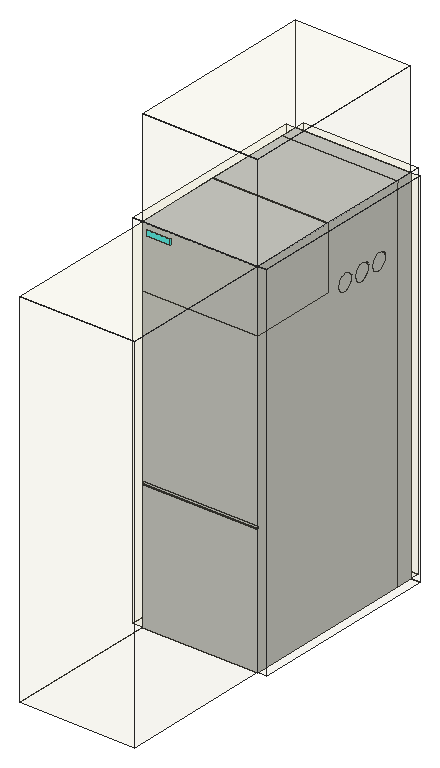
Revit family "Electrical_Switchgear_Siemens_MV-Gas-insulated_NXPLUS-C-Wind-36kV", category Electrical Fixtures, Revit 2016
Family settings
  Maintain Annotation Orientation = No
  Part Type = Normal
  Round Connector Dimension = Use Diameter
  OmniClass Number = 23.80.00.00
  OmniClass Title = Electric Power and Lighting
  Work Plane-Based = No
  Always vertical = Yes
  Cut with Voids When Loaded = No
  Shared = No
  Room Calculation Point = No
Parameters (values of type "LS-Circuit-breaker panel")
  Youtube clip = "https://www.siemens.com/nxpluscwind"
  Weight Net (Kg) = "0"
  Uniformat II Description = ""
  Uniformat II Code = ""
  Uniclass 2015 Name = ""
  Uniclass 2015 Code = ""
  Uniclass 2.0 Description = ""
  Uniclass 2.0 Code = ""
  Uniclass 1.4 Description = ""
  Uniclass 1.4 Code = ""
  UNSPSC Code = ""
  Typ = 1
  Technical description = "http://www.siemens.com/specifications"
  T1 [instance] = T + 85 mm  # 1000 mm
  Region South America = "All"
  Region Oceania = "All"
  Region North America = "All"
  Region Middle East = "All"
  Region Europe = "All"
  Region Asia = "All"
  Region Antarctica = "All"
  Region Africa = "All"
  QR code = "http://bimobject.com/siemens/product/Siemens_MV_switchgear_gas-insulated_NXPLUS_C_Wind"
  Product url = "https://www.siemens.com/nxpluscwind"
  Product group = "Gas-insulated switchgear for primary distribution systems"
  Product family = "MV switchgear"
  Product data url = "https://bimobject.com/siemens/product/Siemens_MV_switchgear_gas-insulated_NXPLUS_C_Wind"
  Product certification = "https://www.siemens.com/nxpluscwind"
  Product SKU = "Siemens_MV_switchgear_gas-insulated_NXPLUS_C_Wind"
  Product Guid = "7b6fd002-bfc2-40cc-a29f-d81b13aac53f"
  OmniClass Description = ""
  OmniClass Code = ""
  Nominal width = 0 mm
  Nominal height = 1900 mm
  NBS Reference Description = ""
  NBS Reference Code = ""
  Material secondary = ""
  Material main = "Stainless steel"
  Masterformat 2014 Description = ""
  Masterformat 2014 Code = ""
  Manufacturer name = "Siemens AG"
  Manufacturer country = "Germany"
  LinieTS = Typ = 3  # no
  LinieRK = Typ = 2  # no
  LinieLS = Typ = 1  # yes
  Installation instructions = "https://www.siemens.com/nxpluscwind"
  IFC Classification = ""
  Edition number = 1
  EAN code = ""
  Design country = "Germany"
  Date of publishing = ""
  Capacitive voltage indicator at busbar = "CAPDIS-S1+;CAPDIS-S2+;HR;LRM;VOIS+;VOIS R+;WEGA 1.2 C;WEGA 2.2 C"
  Voltage transformer at busbar = "without; 3 x single-pole; 3 x single-pole with earth-fault winding and damping resistor"
  Voltage rating (kV) = "2.4; 3.3; 3.6; 4.16; 4.76;6;6.6;7.2;8.25;11;12;13.8;15;17.5;20;23;24;27;27.6;34.5;36;38"
  Type of arrangement = "wall-standing; free-standing"
  Three-position switch = "manual operated; motor operated"
  Technical description MV-switchgear = "www.siemens.com/medium-voltage-switchgear"
  Switchgear type = "NXPLUS C Wind"
  Standards = "IEC"
  Specification texts = "www.siemens.com/specifications"
  SIMARIS planning tools = "www.siemens.com/simaris"
  Rated voltage (kV) = "36; on request: 38"
  Rated short-time withstand current (kA/s) = "20/1:20/3; 25/1"
  Rated short-duration power-frequency withstand voltage (kV) = "70"
  Rated normal current busbar (A) = "1000"
  Rated lightning impulse withstand voltage (kV) = "170"
  Rated frequency (Hz) = "50;60"
  Rated normal current feeder (A) = "630A; 800A"
  Protection device = "with (further informations: www.siemens.com/protection)"
  Pressure relief duct = "withgout; on request: horizontal (connection to rear or lateral left or right)"
  Panel type = "LS"
  Surge arrester = "without; with"
  Number of operating cycle = "2000/1000/1000 (CB/Disconnector/Earthing switch)"
  NS_uk [instance] = H - 325 mm  # 1575 mm
  NS_t [instance] = 459.5 mm  # constant formula
  NS_h [instance] = if(LV compartment H325mm, 325 mm, 650 mm)  # 325 mm
  LV compartment H325mm [instance] = yes
  LV compartment H650mm [instance] = not(LV compartment H325mm)  # no
  Internal arc classification = "IAC A FL 25kA/1s; IAC A FLR 25kA/1s"
  Hges_Cl_Top [instance] = 2400 mm  # constant formula
  Hges_Cl_HVLR [instance] = H  # 1900 mm
  Druckabsorber_sichtbar [instance] = 1 = 1  # yes
  Current transformer at feeder = "without; with protection core or/and measuring core"
  Clearence wall standing [instance] = yes
  Cl_Top_T [instance] = T + 85 mm  # 1000 mm
  Cl_LR_T [instance] = T + 85 mm  # 1000 mm
  Current transformer at busbar = "without; with protection core or/and measuring core"
  Release combination = "1f-release (-Y1); 1f- (-Y1) + 1r-release (-Y7); 2f-release (-Y1, -Y2)"
  Clearence for only operating [instance] = yes
  Electromechanical interlock = "without; Earthing switch; Disconnector; Disconnector and earthing switch"
  Number of cables (per phase) = "1; 2"
  KRA_t [instance] = 325 mm
  T = 915 mm
  DrAb_t [instance] = 85 mm  # constant formula
  DrAb_h1 [instance] = 300 mm
  Consultant support for Totally Integrated Power (TIP) = "www.siemens.com/tip-cs"
  Clearance [instance] = yes
  Rated Current = ""
  Model = "LS-Circuit-breaker panel, width 600mm"
  Manufacturer = "Siemens AG"
  Hges [instance] = if(LV compartment H325mm, 1900 mm, 1900 mm + 325 mm)  # 1900 mm
  DrAb_U [instance] = 0 mm  # constant formula
  DrAb_h2 [instance] = H  # 1900 mm
  H = 1900 mm
  Manufacturer = "Siemens AG"
  Cl_v_T [instance] = if(Clearence for only operating, 800 mm, 1200 mm)  # 800 mm
  Cl_r_B [instance] = if(Clearence wall standing, B + 50 mm, B + 500 mm)  # 650 mm
  Cl_l_B [instance] = if(Clearence wall standing, if(Cabel_on, -Cabel_b - 50 mm, -50 mm), if(Cabel_on, -Cabel_b - 50 mm, -500 mm))  # -50 mm
  Cl_H_T [instance] = if(Clearence wall standing, 50 mm, 500 mm)  # 50 mm
  Lateral cable connection [instance] = Cabel : without
  Cabel_without = Cabel : without
  Cabel_b [instance] = if(Lateral cable connection = Cabel_1, 300 mm, if(Lateral cable connection = Cabel_2, 500 mm, 800 mm))  # 800 mm
  Cabel_3 = Cabel : 3  cable
  Cabel_2 = Cabel : 2  cable
  Cabel_on [instance] = and(not(Typ = 2), or(Lateral cable connection = Cabel_1, Lateral cable connection = Cabel_2, Lateral cable connection = Cabel_3))  # no
  Cabel_1 = Cabel : 1 cable
  COBIe Type Category = ""
  Brand url = "https://www.siemens.com/global/en/home/products/energy.html"
  BIMobject main category code = "electrical"
  BIMobject main category = "Electrical"
  BIMobject category code = "electrical-switchgear"
  BIMobject category = "Switchgear"
  B = 600 mm
Types (3, lengths in mm): name | Typ | LinieTS | LinieRK | LinieLS | Voltage transformer at busbar | Rated normal current feeder (A) | Protection device | Panel type | Number of operating cycle | Release combination | Number of cables (per phase) | Model | Cl_r_B | B
  LS-Circuit-breaker panel | 1 | no | no | yes | "without; 3 x single-pole; 3 x single-pole with earth-fault winding and damping resistor" | "630A; 800A" | "with (further informations: www.siemens.com/protection)" | "LS" | "2000/1000/1000 (CB/Disconnector/Earthing switch)" | "1f-release (-Y1); 1f- (-Y1) + 1r-release (-Y7); 2f-release (-Y1, -Y2)" | "1; 2" | "LS-Circuit-breaker panel, width 600mm" | 650 | 600
  RK-Ring-main panel | 2 | no | yes | no | "n/a" | "630A" | "n/a" | "RK" | "1000/1000/1000 (Disconnector/Load Break/Earthing switch)" | "n/a" | "1; 2; 3" | "RK-Ring-main panel, width 450mm" | 500 | 450
  TS-Disconnector panel | 3 | yes | no | no | "n/a" | "630A; 1000A" | "n/a" | "TS" | "1000/1000/- (Disconnector/Earthing switch)" | "n/a" | "1; 2; 3" | "TS-Disconnector panel, width 450mm" | 500 | 450
Reference planes
  plane 1 "Mitte (Vorne/Hinten)": y = 0
  plane 2: z = 0
  plane 3 "Mitte (Links/Rechts)": x = 0
  plane 4 "Schrankunterkante": z = 0
  plane 5 "Hinterkant Schrank": y = 915
  plane 6: z = 1900
  plane 7 "EP Kabelraumabdeckung": y = 320
  plane 8 "H": z = 1900
  plane 9 "Hinterkante max": y = 1000
  plane 10 "Linien Front": y = -1
Forms (mm)
  Extrusion 1, solid, material "Glas unsichtbar", visible <- "Clearance"
    sketch origin (0, 0, 0) x (0, 1, 0) y (0, 0, 1)
      loop
        line (0, 1900) -> (-800, 1900) -> (-800, 0) -> (0, 0) -> (0, 1900)
    from 0 to 600 <- "B"
  Extrusion 2, solid, material "Siemens RAL 7047"
    sketch origin (0, 0, 0) x (0, 1, 0) y (0, 0, 1)
      loop
        line (915, 0) -> (1000, 0) -> (1000, 1900) -> (915, 1900) -> (915, 0)
    from 0 to 600 <- "B"
  Extrusion 3, solid, material "Glas unsichtbar", visible <- "Clearance"
    sketch origin (0, 2746.306, -1522.302) x (0, 1, 0) y (0, 0, 1)
      loop
        line (-1746.306, 3422.302) -> (-2746.306, 3422.302) -> (-2746.306, 1522.302) -> (-1746.306, 1522.302) -> (-1746.306, 3422.302)
    from -50 <- "Cl_l_B" to 0
  Extrusion 4, solid, material "Glas unsichtbar", visible <- "Clearance"
    sketch origin (0, -2515.375, 1319.373) x (0, 1, 0) y (0, 0, 1)
      loop
        line (3515.375, 580.627) -> (2515.375, 580.627) -> (2515.375, -1319.373) -> (3515.375, -1319.373) -> (3515.375, 580.627)
    from 600 <- "B" to 650 <- "Cl_r_B"
  Extrusion 5, solid, material "Glas unsichtbar", visible <- "Clearance"
    sketch origin (0, 889.07, 278.53) x (0, 1, 0) y (0, 0, 1)
      loop
        line (160.93, -278.53) -> (160.93, 1621.47) -> (110.93, 1621.47) -> (110.93, -278.53) -> (160.93, -278.53)
    from 0 to 600 <- "B"
  Extrusion 6, solid, material "Glas unsichtbar", visible <- "Clearance"
    sketch origin (0, -5930.661, 4152.693) x (0, 1, 0) y (0, 0, 1)
      loop
        line (6930.661, -1752.693) -> (5930.661, -1752.693) -> (5930.661, -2252.693) -> (6930.661, -2252.693) -> (6930.661, -1752.693)
    from 0 to 600 <- "B"
Dimensions and locks
  "Cl_v_T": Extrusion 1 sketch curve to Extrusion 1 sketch curve
  "DrAb_U": plane 4 "Schrankunterkante" to plane 2
  "Hges": Extrusion 1 sketch curve to Extrusion 1 sketch curve
  "Cl_LR_T": Extrusion 3 sketch curve to Extrusion 3 sketch curve
  "Hges": Extrusion 3 sketch curve to Extrusion 3 sketch curve
  "Cl_LR_T": Extrusion 4 sketch curve to Extrusion 4 sketch curve
  "Hges": Extrusion 4 sketch curve to Extrusion 4 sketch curve
  "Cl_H_T": Extrusion 5 sketch curve to Extrusion 5 sketch curve
  "T": plane 5 "Hinterkant Schrank" to plane 1 "Mitte (Vorne/Hinten)"
  "Cl_Top_T": Extrusion 6 sketch curve to Extrusion 6 sketch curve
  "Hges": plane 6 to level
  plane 5 "Hinterkant Schrank" to plane 7 "EP Kabelraumabdeckung" = 595 mm
  "DrAb_h2": Extrusion 2 sketch curve to Extrusion 2 sketch curve
  "DrAb_t": Extrusion 2 sketch curve to Extrusion 2 sketch curve
  "Hges_Cl_HVLR": Extrusion 5 sketch curve to Extrusion 5 sketch curve
  "Hges_Cl_Top": Extrusion 6 sketch curve to level
  "H": plane 4 "Schrankunterkante" to plane 8 "H"
  Extrusion 5 to Extrusion 2 = 1900 mm
  "NS_uk": nested 1 to level
  "T1": plane 9 "Hinterkante max" to plane 1 "Mitte (Vorne/Hinten)"
  nested 4 to level = 1550 mm
  plane 1 "Mitte (Vorne/Hinten)" to plane 10 "Linien Front" = 1 mm
  locked: nested 3 to level at 940
  locked: nested 6 to level at 1550
  nested 7 to level = 1550 mm
  locked: nested 8 to plane 3 "Mitte (Links/Rechts)" at 20
  locked: plane 6 to nested 8 at 30
  aligned and locked: level to plane 2
  aligned and locked: plane 2 to Extrusion 2 sketch curve
  aligned and locked: plane 1 "Mitte (Vorne/Hinten)" to Extrusion 1 sketch curve
  aligned and locked: Extrusion 3 to level
  aligned and locked: plane 1 "Mitte (Vorne/Hinten)" to Extrusion 3
  aligned and locked: Extrusion 4 to level
  aligned and locked: plane 1 "Mitte (Vorne/Hinten)" to Extrusion 4
  aligned and locked: Extrusion 5 to level
  aligned and locked: plane 1 "Mitte (Vorne/Hinten)" to Extrusion 6
  aligned and locked: plane 3 "Mitte (Links/Rechts)" to nested 1
  aligned and locked: plane 1 "Mitte (Vorne/Hinten)" to nested 1
  aligned and locked: plane 3 "Mitte (Links/Rechts)" to nested 2
  aligned and locked: nested 4 to plane 3 "Mitte (Links/Rechts)"
  aligned and locked: nested 4 to plane 10 "Linien Front"
  aligned and locked: Extrusion 6 sketch curve to plane 8 "H"
  aligned and locked: plane 5 "Hinterkant Schrank" to nested 2
  aligned and locked: Extrusion 5 to plane 9 "Hinterkante max"
  aligned and locked: plane 3 "Mitte (Links/Rechts)" to nested 3
  aligned and locked: nested 3 to plane 5 "Hinterkant Schrank"
  aligned and locked: nested 5 to level
  aligned and locked: plane 1 "Mitte (Vorne/Hinten)" to nested 5
  aligned and locked: plane 3 "Mitte (Links/Rechts)" to nested 5
  aligned and locked: nested 6 to plane 3 "Mitte (Links/Rechts)"
  aligned and locked: nested 6 to plane 10 "Linien Front"
  aligned and locked: nested 7 to plane 3 "Mitte (Links/Rechts)"
  aligned and locked: nested 7 to plane 10 "Linien Front"
  aligned and locked: plane 1 "Mitte (Vorne/Hinten)" to nested 8
Automatic sketch dimensions
  Extrusion 3 sketch curve to plane 1 "Mitte (Vorne/Hinten)" = 0 mm
  Extrusion 3 sketch curve to level = 0 mm
  Extrusion 4 sketch curve to plane 1 "Mitte (Vorne/Hinten)" = 0 mm
  Extrusion 4 sketch curve to level = 0 mm
  Extrusion 5 sketch curve to level = 0 mm
  Extrusion 5 sketch curve to plane 5 "Hinterkant Schrank" = 85 mm
  Extrusion 1 sketch curve to level = 0 mm
  Extrusion 2 sketch curve to plane 5 "Hinterkant Schrank" = 0 mm
  Extrusion 6 sketch curve to plane 1 "Mitte (Vorne/Hinten)" = 0 mm
Nested families
  nested 1: "NXPLUSC Basic NS" at (0, 0, 1575), B <- "B", GK1_h <- "NS_h", GK1_t <- "NS_t", type "Test B 430"
    with GK1_t 459.5 mm, GK1_h 325 mm, B 600 mm
  nested 2: "Befestigung1" at (300, 915, 0), type "Fastening"
    with Width_2 790 mm, Cable_length 800 mm
  nested 3: "NXPLUSC Basic Cabel" at (-800, 590, 940), B <- "Cabel_b", visible <- "Cabel_on", type "Cabel"
    with GK1_t 325 mm, GK1_h 510 mm, B 800 mm
  nested 4: "2D_LinieLS" at (300, -1, 840), visible <- "LinieLS", type "Type LS"
    with Width 600 mm
  nested 5: "NXPLUSC Basic  Schrank1" at (0, 915, 0), B <- "B", H <- "H", T <- "T", type "Test B 430"
    with VBL_r 45 mm, VBL_h 125 mm, VBL_ab2 110 mm, VBL_ab1 345 mm, T 915 mm, Kab_b3 20 mm, Kab_b2 580 mm, KabR_b1 600 mm, H 1900 mm, GK4_t 455.5 mm, GK4_h 250 mm, GK2_h1 670 mm, GK1_t 459.5 mm, GK1_h 325 mm, Druckabsorber sichtbar yes, B 600 mm
  nested 6: "2D_LinieTS" at (300, -1, 915), visible <- "LinieTS", type "Type TS"
  nested 7: "2D_LinieRK" at (300, -1, 915), visible <- "LinieRK", type "Type TS"
  nested 8: "Siemens Schild" at (100, 0, 1875), type "Test"
Definition of nested family "NXPLUSC Basic NS"
  Parameters (values of type "Test B 430")
    Manufacturer = "Siemens AG"
    IFC Classification = "Electric Distribution"
    built-in parameter 1010108 = "Siemens AG"
    GK1_t [instance] = 409 mm
    GK1_h [instance] = 761 mm
    B [instance] = 430 mm
  Reference planes
    plane 1 "Mitte (Vorne/Hinten)": y = 0
    plane 2: z = 0
    plane 3 "Mitte (Links/Rechts)": x = 0
  Forms (mm)
    Extrusion 1, solid
      sketch origin (0, 0, 0) x (0, 1, 0) y (0, 0, 1)
        loop
          line (0, 0) -> (409, 0) -> (409, 761) -> (0, 761) -> (0, 0)
      from 0 to 430 <- "B"
  Dimensions and locks
    "GK1_h": Extrusion 1 sketch curve to Extrusion 1 sketch curve
    "GK1_t": Extrusion 1 sketch curve to Extrusion 1 sketch curve
    aligned and locked: level to plane 2
    aligned and locked: level to Extrusion 1 sketch curve
    aligned and locked: plane 1 "Mitte (Vorne/Hinten)" to Extrusion 1 sketch curve
Definition of nested family "NXPLUSC Basic Cabel"
  Parameters (values of type "Cabel")
    Manufacturer = "Siemens AG"
    IFC Classification = "Electric Distribution"
    built-in parameter 1010108 = "Siemens AG"
    GK1_t [instance] = 325 mm  # constant formula
    GK1_h [instance] = 510 mm  # constant formula
    B [instance] = 500 mm
  Reference planes
    plane 1 "Mitte (Vorne/Hinten)": y = 0
    plane 2: z = 0
    plane 3 "Mitte (Links/Rechts)": x = 0
  Forms (mm)
    Extrusion 1, solid
      sketch origin (0, 0, 0) x (0, 1, 0) y (0, 0, 1)
        loop
          line (0, 0) -> (325, 0) -> (325, 510) -> (0, 510) -> (0, 0)
      from 0 to 500 <- "B"
  Dimensions and locks
    "GK1_h": Extrusion 1 sketch curve to Extrusion 1 sketch curve
    "GK1_t": Extrusion 1 sketch curve to Extrusion 1 sketch curve
    aligned and locked: level to plane 2
    aligned and locked: level to Extrusion 1 sketch curve
    aligned and locked: plane 1 "Mitte (Vorne/Hinten)" to Extrusion 1 sketch curve
Definition of nested family "NXPLUSC Basic  Schrank1"
  Parameters (values of type "Test B 430")
    XB_AE = 1000 mm
    VBL_h [instance] = GK4_h / 2  # 125 mm
    VBL_r [instance] = 45 mm
    VBL_ab1 [instance] = T - 570 mm  # 345 mm
    VBL_ab2 [instance] = 110 mm  # constant formula
    Typ = 1
    T [instance] = 915 mm
    Manufacturer = "Siemens AG"
    Kab_b3 [instance] = if(Druckabsorber sichtbar, 20 mm, B + 20 mm)  # 20 mm
    Kab_b2 [instance] = if(Druckabsorber sichtbar, B - 20 mm, B + 100 mm)  # 580 mm
    KabR_b1 [instance] = if(or(Typ = 1, Typ = 2, Typ = 4), B, -B)  # 600 mm
    IFC Classification = "Electric Distribution"
    H [instance] = 1900 mm
    built-in parameter 1010108 = "Siemens AG"
    GK4_t [instance] = T - GK1_t  # 455.5 mm
    GK4_h [instance] = 250 mm  # constant formula
    GK2_h1 [instance] = if(Typ = 1, 670 mm, 895 mm)  # 670 mm
    GK1_t [instance] = 459.5 mm
    GK1_h [instance] = 325 mm
    Druckabsorber sichtbar [instance] = yes
    B [instance] = 600 mm
  Reference planes
    plane 1 "Mitte (Vorne/Hinten)": y = 0
    plane 2: z = 0
    plane 3 "Mitte (Links/Rechts)": x = 0
    plane 4 "Bedienelemente": y = -1000
    plane 5 "Abzug": x = 600
  Forms (mm)
    Extrusion 1, solid
      sketch origin (0, 0, 0) x (0, 1, 0) y (0, 0, 1)
        loop
          line (0, 0) -> (0, 1900) -> (-455.5, 1900) -> (-455.5, 1575) -> (-915, 1575) -> (-915, 0) -> (0, 0)
      from 0 to 600 <- "B"
    Extrusion 2, void
      sketch origin (0, 0, 420) x (0, 1, 0) y (0, 0, 1)
        loop
          circle (-125, 1155) r 45
        loop
          circle (-235, 1155) r 45
        loop
          circle (-345, 1155) r 45
      from 0 to 5
    Extrusion 3, void
      sketch origin (600, 0, 0) x (0, 0, 1) y (0, -1, 0)
        loop
          circle (1575, 345) r 45
        loop
          circle (1575, 235) r 45
        loop
          circle (1575, 125) r 45
      from 0 to -5
    Extrusion 4, void
      sketch origin (0, 0, 0) x (0, 1, 0) y (0, 0, 1)
        loop
          line (-905, 670) -> (-905, 690) -> (-915, 690) -> (-915, 670) -> (-905, 670)
      from 0 to 600 <- "KabR_b1"
  Cuts and joins
    Extrusion 2, Extrusion 3, Extrusion 4 cuts Extrusion 1
  Dimensions and locks
    "XB_AE": plane 1 "Mitte (Vorne/Hinten)" to plane 4 "Bedienelemente"
    "VBL_ab2": Extrusion 2 sketch curve to Extrusion 2 sketch curve  (x2)
    "VBL_ab2": Extrusion 3 sketch curve to Extrusion 3 sketch curve  (x2)
    "B": plane 5 "Abzug" to plane 3 "Mitte (Links/Rechts)"
    locked: Extrusion 4 sketch curve to Extrusion 4 sketch curve at 10
    locked: Extrusion 4 sketch curve to Extrusion 4 sketch curve at 20
    "T": plane 1 "Mitte (Vorne/Hinten)" to Extrusion 4 sketch curve
    "H": cut or joined group of Extrusion 1, Extrusion 2, Extrusion 3, Extrusion 4 to level
    "GK1_t": cut or joined group of Extrusion 1, Extrusion 2, Extrusion 3, Extrusion 4 to cut or joined group of Extrusion 1, Extrusion 2, Extrusion 3, Extrusion 4
    "GK1_h": cut or joined group of Extrusion 1, Extrusion 2, Extrusion 3, Extrusion 4 to cut or joined group of Extrusion 1, Extrusion 2, Extrusion 3, Extrusion 4
    "GK1_h": cut or joined group of Extrusion 1, Extrusion 2, Extrusion 3, Extrusion 4 to Extrusion 2 sketch curve
    "GK1_h": cut or joined group of Extrusion 1, Extrusion 2, Extrusion 3, Extrusion 4 to Extrusion 3 sketch curve
    "T": plane 1 "Mitte (Vorne/Hinten)" to cut or joined group of Extrusion 1, Extrusion 2, Extrusion 3, Extrusion 4
    "GK2_h1": Extrusion 4 sketch curve to level
    "VBL_ab1": plane 1 "Mitte (Vorne/Hinten)" to Extrusion 2 sketch curve
    "VBL_ab1": plane 1 "Mitte (Vorne/Hinten)" to Extrusion 3 sketch curve
    "VBL_r": radius of Extrusion 2 sketch curve  (x3)
    "VBL_r": radius of Extrusion 3 sketch curve  (x3)
    aligned and locked: level to plane 2
    aligned and locked: Extrusion 1 sketch curve to plane 1 "Mitte (Vorne/Hinten)"
    aligned and locked: Extrusion 1 sketch curve to level
  Automatic sketch dimensions
    Extrusion 2 sketch curve to Extrusion 2 sketch curve = 0 mm  (x2)
    Extrusion 3 sketch curve to Extrusion 3 sketch curve = 0 mm  (x2)
    Extrusion 1 sketch curve to plane 4 "Bedienelemente" = 544.5 mm
    Extrusion 1 sketch curve to plane 4 "Bedienelemente" = 85 mm
    level to Extrusion 1 sketch curve = 1575 mm
    Extrusion 1 sketch curve to Extrusion 1 sketch curve = 325 mm
Definition of nested family "Siemens Schild"
  Parameters (values of type "Test")
    Schild_Text_Tiefe = 0 mm  # constant formula
    Schild_Text_H = Schild_G_H - 10 mm  # 20 mm
    Schild_Text_T1 = Schild_T + Schild_G_T + 0.5 mm  # 6.5 mm
    Schild_T = 5 mm
    Schild_Rand = 5 mm
    Schild_L2 = Schild_L / 2  # 50 mm
    Schild_L = 100 mm  # constant formula
    Schild_H = 80 mm
    Schild_G_T = 1 mm
    Schild_G_L = 125 mm  # constant formula
    Schild_G_H = 30 mm  # constant formula
    Manufacturer = "Siemens AG"
    IFC Classification = "Electric Distribution"
    built-in parameter 1010108 = "Siemens AG"
  Reference planes
    plane 1 "Mitte (Vorne/Hinten)": y = 0
    plane 2: z = 0
    plane 3 "Mitte (Links/Rechts)": x = 0
    plane 4 "Einfiegefläche_Text": y = -1.5
  Forms (mm)
    Extrusion 1, solid
      sketch origin (-265.883, 0, -2089.227) x (1, 0, 0) y (0, 0, 1)
        loop
          line (185.883, 2054.227) -> (310.883, 2054.227) -> (310.883, 2084.227) -> (185.883, 2084.227) -> (185.883, 2054.227)
      from 0 to 1
  Dimensions and locks
    "Schild_G_L": Extrusion 1 sketch curve to Extrusion 1 sketch curve
    "Schild_G_H": Extrusion 1 sketch curve to Extrusion 1 sketch curve
    locked: plane 1 "Mitte (Vorne/Hinten)" to plane 4 "Einfiegefläche_Text" at 1.5
    aligned and locked: level to plane 2
  Automatic sketch dimensions
    Extrusion 1 sketch curve to level = 5 mm
    Extrusion 1 sketch curve to plane 3 "Mitte (Links/Rechts)" = 80 mm
Definition of nested family "Befestigung1"
  Parameters (values of type "Fastening")
    depth temp = if(Cable 800, 1109 mm, if(Cable 500, 860 mm, 860 mm))  # 860 mm
    Widthupto900 = not(Width900)  # yes
    Width_2 = if(Cable_length = 300 mm, 300 mm, if(Cable_length = 500 mm, 490 mm, 790 mm))  # 300 mm
    Width = 600 mm
    Visible = if(or(Cable 300, Cable 500, Cable 800), 1 < 2, 1 = 2)  # no
    T3 = if(Width = 450 mm, 595 mm, 465 mm)  # 465 mm
    T2 = if(Width = 450 mm, 185 mm, 315 mm)  # 315 mm
    T1 = 0 mm  # constant formula
    Depth = 915 mm  # constant formula
    Cable_on = no
    Cable_length = 300 mm
    Cable 800 = no
    Cable 500 = no
    Cable 300 = no
    Width900 = if(Width = 900 mm, 1 < 2, 1 > 2)  # no
  Reference planes
    plane 1 "Center (Front/Back)": y = 0
    plane 2: z = 0
    plane 3 "Center (Left/Right)": x = 0
    plane 4: x = 300
    plane 5: x = -300
    plane 6: z = 2046
    plane 7: y = -915
    plane 8: z = 2200
    plane 9: y = 0
    plane 10: y = -30
    plane 11: y = -80
    plane 12: x = -200
    plane 13: x = -290
    plane 14: x = 210
    plane 15: x = 290
    plane 16: y = -860
    plane 17: y = -780
    plane 18: y = -890
    plane 19: x = -30
    plane 20: x = 330
    plane 21: y = -315
    plane 22: x = -210
    plane 23: x = 200
    plane 24: x = -600
    plane 25: y = -375
  Lines and regions (mm)
    model lines
      curve 1: line (-300, 0, 0) -> (300, 0, 0)
      curve 2: line (-300, -915, 0) -> (-300, 0, 0)
      curve 3: line (300, 0, 0) -> (300, -915, 0)
      curve 4: line (-300, -915, 0) -> (300, -915, 0)
      curve 9: line (-290, -780, 0) -> (290, -780, 0)
      curve 10: line (-290, -315, 0) -> (-290, -780, 0)
      curve 11: line (290, -315, 0) -> (-290, -315, 0)
      curve 12: line (290, -780, 0) -> (290, -315, 0)
      curve 13: line (-290, -780, 0) -> (-244, -780, 0)
      curve 14: line (-290, -600, 0) -> (-290, -780, 0)
      curve 15: line (-244, -600, 0) -> (-290, -600, 0)
      curve 16: line (-244, -780, 0) -> (-244, -600, 0)
      curve 18: circle (200, -860, 0) r 6 normal (0, 0, 1)
    model lines, visible <- "Widthupto900"
      curve 5: circle (-200, -30, 0) r 6 normal (0, 0, 1)
    model lines, visible <- "Cable_on"
      curve 6: circle (210, -30, 0) r 6 normal (0, 0, 1)
      curve 17: circle (-210, -860, 0) r 6 normal (0, 0, 1)
      curve 19: line (-600, -375, 0) -> (-300, -375, 0)
      curve 20: line (-600, 0, 0) -> (-600, -375, 0)
      curve 21: line (-300, 0, 0) -> (-600, 0, 0)
      curve 22: line (-300, -375, 0) -> (-300, 0, 0)
    model lines, visible <- "Width900"
      curve 7: circle (-30, -30, 0) r 6 normal (0, 0, 1)
      curve 8: circle (330, -30, 0) r 6 normal (0, 0, 1)
  Dimensions and locks
    equal spacing: plane 5, plane 3 "Center (Left/Right)", plane 4
    "Width": plane 5 to plane 4
    plane 8 to plane 2 = 2200 mm
    plane 6 to plane 2 = 2046 mm
    locked: plane 15 to plane 4 at 10
    locked: plane 5 to plane 13 at 10
    "T1": plane 9 to plane 1 "Center (Front/Back)"
    "Depth": plane 7 to plane 1 "Center (Front/Back)"
    plane 5 to plane 12 = 100 mm
    plane 14 to plane 4 = 90 mm
    locked: plane 10 to plane 9 at 30
    locked: plane 11 to plane 10 at 50
    locked: plane 5 to plane 19 at 270
    locked: plane 19 to plane 20 at 360
    locked: plane 18 to plane 7 at 25
    locked: plane 16 to plane 18 at 30
    "T2": plane 21 to plane 1 "Center (Front/Back)"
    "T3": plane 17 to plane 21
    locked: plane 13 to curve 16 at 46
    locked: curve 15 to plane 17 at 180
    plane 5 to plane 22 = 90 mm
    plane 23 to plane 4 = 100 mm
    "Width_2": plane 24 to plane 5
    plane 25 to plane 9 = 375 mm
    aligned and locked: plane 2 to level
    aligned and locked: plane 1 "Center (Front/Back)" to curve 1
    aligned and locked: plane 5 to curve 2
    aligned and locked: curve 3 to plane 4
    aligned and locked: curve 4 to plane 7
    aligned and locked: curve 9 to plane 17
    aligned and locked: curve 10 to plane 13
    aligned and locked: plane 15 to curve 12
    aligned and locked: curve 11 to plane 21
    aligned and locked: curve 20 to plane 24
    aligned and locked: curve 19 to plane 25
    aligned and locked: plane 5 to curve 22
  Automatic sketch dimensions
    curve 17 to plane 16 = 0 mm
    curve 17 to plane 22 = 0 mm
    plane 10 to curve 5 = 0 mm
    curve 5 to plane 12 = 0 mm
    plane 10 to curve 7 = 0 mm
    curve 7 to plane 19 = 0 mm
    curve 18 to plane 16 = 0 mm
    curve 18 to plane 23 = 0 mm
    plane 10 to curve 6 = 0 mm
    curve 6 to plane 14 = 0 mm
    plane 10 to curve 8 = 0 mm
    curve 8 to plane 20 = 0 mm
    radius of curve 5 = 6 mm
    radius of curve 6 = 6 mm
    radius of curve 7 = 6 mm
    radius of curve 8 = 6 mm
    radius of curve 17 = 6 mm
    radius of curve 18 = 6 mm
Definition of nested family "2D_LinieLS"
  Parameters (values of type "Type LS")
    sichtbar = 1 = 2  # no
    Width = 450 mm
    M = yes
  Reference planes
    plane 1 "Center (Front/Back)": y = 0
    plane 2: z = 0
    plane 3 "Center (Left/Right)": x = 0
    plane 4: z = 740
    plane 5: x = 225
    plane 6: x = -225
    plane 7: z = 90
  Lines and regions (mm)
    model lines
      curve 1: line (0, 0, 193.158) -> (0, 0, 29.374)
      curve 2: line (0, 0, 29.374) -> (10.082, 0, 50.996)
      curve 3: line (0, 0, 29.374) -> (-10.082, 0, 50.996)
      curve 4: line (-0.182, 0, 410) -> (-132.478, 0, 410)
      curve 5: line (-132.478, 0, 410) -> (-132.478, 0, 710)
      curve 6: line (-215, 0, 710) -> (215, 0, 710)
      curve 7: line (-10.082, 0, 50.996) -> (10.082, 0, 50.996)
      curve 8: line (0, 0, 29.374) -> (-5.391, 0, 50.996)
      curve 9: line (0, 0, 29.374) -> (4.203, 0, 50.996)
      curve 12: line (-30.301, 0, 193.158) -> (29.936, 0, 193.158)
      curve 13: line (-30.301, 0, 254.532) -> (-30.301, 0, 193.158)
      curve 14: line (29.936, 0, 254.532) -> (-30.301, 0, 254.532)
      curve 15: line (29.936, 0, 193.158) -> (29.936, 0, 254.532)
      curve 16: line (-0.182, 0, 254.532) -> (-0.182, 0, 410)
      curve 17: line (-70.683, 0, 596.478) -> (-70.683, 0, 641.478)
      curve 18: line (-54.47, 0, 644.2) -> (-86.902, 0, 644.162)
      curve 19: line (-59.888, 0, 655.005) -> (-81.51, 0, 654.979)
      curve 20: line (-66.658, 0, 665.807) -> (-74.766, 0, 665.798)
      curve 21: circle (0, 0, 223.088) r 15 normal (0, -1, 0)
      curve 22: circle (-132.478, 0, 641.472) r 20 normal (0, -1, 0)
      curve 23: line (-152.478, 0, 641.472) -> (-112.478, 0, 641.472)
      curve 24: circle (-70.683, 0, 576.478) r 20 normal (0, -1, 0)
      curve 25: line (-90.683, 0, 576.478) -> (-50.683, 0, 576.478)
      curve 26: line (-70.683, 0, 556.478) -> (-70.683, 0, 410)
      curve 27: line (0, 0, 135.775) -> (10.811, 0, 135.775)
      curve 28: line (16.216, 0, 135.775) -> (23.074, 0, 135.775)
      curve 29: line (10.811, 0, 140.775) -> (10.811, 0, 130.775)
      curve 30: line (16.216, 0, 140.775) -> (16.216, 0, 130.775)
      curve 31: arc (29.074, 0, 129.775) -> (23.074, 0, 135.775) -> (29.074, 0, 141.775) r 6
    model lines, visible <- "sichtbar"
      curve 10: line (-215, 0, 710) -> (-215, 0, 168.568)
      curve 11: line (215, 0, 710) -> (215, 0, 168.568)
  Dimensions and locks
    "Width": plane 6 to plane 5
    equal spacing: plane 6, plane 3 "Center (Left/Right)", plane 5
    plane 4 to level = 740 mm
    plane 4 to plane 7 = 650 mm
    locked: plane 6 to curve 10 at 10
    curve 11 to plane 5 = 10 mm
    curve 6 to curve 4 = 300 mm
    locked: plane 4 to curve 6 at 30
    curve 9 to level = 29.374 mm
    aligned and locked: plane 2 to level
  Automatic sketch dimensions
    curve 3 to curve 1 = 23.857 mm
    curve 3 to curve 7 = 20.165 mm
    curve 1 to curve 2 = 23.857 mm
    curve 6 to curve 5 = 82.522 mm
    curve 3 to curve 8 = 4.691 mm  (x2)
    curve 9 to curve 2 = 5.88 mm
    curve 9 to plane 3 "Center (Left/Right)" = 0 mm
    curve 21 to plane 3 "Center (Left/Right)" = 0 mm
    curve 5 to plane 3 "Center (Left/Right)" = 132.478 mm
    curve 5 to curve 22 = 0 mm
    curve 24 to plane 3 "Center (Left/Right)" = 70.683 mm
    curve 13 to plane 3 "Center (Left/Right)" = 30.301 mm
    curve 3 to plane 3 "Center (Left/Right)" = 10.082 mm
    curve 16 to plane 3 "Center (Left/Right)" = 0.182 mm
    plane 3 "Center (Left/Right)" to curve 2 = 10.082 mm
    curve 1 to curve 12 = 29.936 mm
    curve 1 to curve 3 = 21.622 mm
    curve 13 to plane 7 = 103.158 mm
    curve 1 to curve 21 = 29.93 mm
    curve 21 to curve 14 = 31.444 mm
    curve 24 to curve 5 = 133.522 mm
    curve 22 to curve 5 = 68.528 mm
    curve 23 to curve 22 = 20 mm
    curve 25 to curve 24 = 20 mm
    curve 4 to curve 26 = 61.795 mm
    plane 3 "Center (Left/Right)" to curve 9 = 4.203 mm
    curve 11 to plane 7 = 78.568 mm
    curve 10 to plane 7 = 78.568 mm
    curve 25 to curve 24 = 0 mm
    curve 23 to curve 22 = 0 mm
    curve 18 to plane 3 "Center (Left/Right)" = 54.47 mm
    curve 19 to curve 18 = 5.418 mm
    curve 20 to curve 19 = 6.77 mm
    curve 17 to curve 18 = 16.213 mm
    curve 20 to curve 20 = 8.108 mm
    curve 19 to curve 20 = 6.744 mm
    curve 18 to curve 19 = 5.393 mm
    curve 17 to plane 4 = 143.522 mm
    curve 17 to curve 17 = 45 mm
    curve 17 to curve 18 = 2.683 mm
    curve 17 to curve 18 = 2.722 mm
    curve 18 to curve 19 = 10.817 mm
    curve 18 to curve 19 = 10.804 mm
    curve 19 to curve 20 = 10.819 mm
    curve 20 to curve 20 = 0.01 mm
    curve 27 to plane 3 "Center (Left/Right)" = 0 mm
    curve 31 to plane 7 = 45.775 mm
    plane 3 "Center (Left/Right)" to curve 29 = 10.811 mm
    curve 29 to curve 30 = 5.405 mm
    curve 28 to curve 31 = 6 mm
    curve 29 to curve 31 = 1 mm
    curve 30 to curve 29 = 0 mm
    curve 28 to curve 31 = 0 mm
    curve 27 to curve 29 = 5 mm
    curve 29 to curve 27 = 5 mm
    curve 30 to curve 28 = 5 mm
    curve 28 to curve 31 = 12.858 mm
    radius of curve 21 = 15 mm
Definition of nested family "2D_LinieTS"
  Parameters (values of type "Type TS")
    sichtbar = 1 = 2  # no
    Width = 600 mm
    Typ1 = yes
    M = yes
    AB = 50 mm
  Reference planes
    plane 1 "Center (Front/Back)": y = 0
    plane 2: z = 0
    plane 3 "Center (Left/Right)": x = 0
    plane 4: z = 665
    plane 5: x = 300
    plane 6: x = -300
  Lines and regions (mm)
    model lines
      curve 1: line (11.795, 0, 185) -> (-50, 0, 185)
      curve 2: line (-50, 0, 50.622) -> (-50, 0, 635)
      curve 3: line (-290, 0, 635) -> (290, 0, 635)
      curve 6: line (11.795, 0, 521.478) -> (11.795, 0, 566.478)
      curve 7: line (28.008, 0, 569.2) -> (-4.424, 0, 569.162)
      curve 8: line (22.59, 0, 580.005) -> (0.968, 0, 579.979)
      curve 9: line (15.82, 0, 590.807) -> (7.712, 0, 590.798)
      curve 10: circle (-50, 0, 566.472) r 20 normal (0, -1, 0)
      curve 11: line (-70, 0, 566.472) -> (-30, 0, 566.472)
      curve 12: circle (11.795, 0, 501.478) r 20 normal (0, -1, 0)
      curve 13: line (-8.205, 0, 501.478) -> (31.795, 0, 501.478)
      curve 14: line (11.795, 0, 481.478) -> (11.795, 0, 185)
      curve 15: line (-50, 0, 29) -> (-39.918, 0, 50.622)
      curve 16: line (-50, 0, 29) -> (-60.082, 0, 50.622)
      curve 17: line (-60.082, 0, 50.622) -> (-39.918, 0, 50.622)
      curve 18: line (-50, 0, 100.959) -> (-39.189, 0, 100.959)
      curve 19: line (-33.784, 0, 100.959) -> (-26.926, 0, 100.959)
      curve 20: line (-39.189, 0, 105.959) -> (-39.189, 0, 95.959)
      curve 21: line (-33.784, 0, 105.959) -> (-33.784, 0, 95.959)
      curve 22: arc (-20.926, 0, 94.959) -> (-26.926, 0, 100.959) -> (-20.926, 0, 106.959) r 6
    model lines, visible <- "sichtbar"
      curve 4: line (-290, 0, 635) -> (-290, 0, 168.568)
      curve 5: line (290, 0, 635) -> (290, 0, 168.568)
  Dimensions and locks
    "Width": plane 6 to plane 5
    equal spacing: plane 6, plane 3 "Center (Left/Right)", plane 5
    plane 4 to level = 665 mm
    locked: plane 6 to curve 4 at 10
    curve 5 to plane 5 = 10 mm
    locked: curve 3 to curve 1 at 450
    locked: plane 4 to curve 3 at 30
    "AB": plane 3 "Center (Left/Right)" to curve 16
    "AB": plane 3 "Center (Left/Right)" to curve 2
    aligned and locked: plane 2 to level
  Automatic sketch dimensions
    curve 3 to curve 2 = 240 mm
    curve 10 to plane 3 "Center (Left/Right)" = 50 mm
    curve 22 to plane 3 "Center (Left/Right)" = 20.926 mm
    plane 3 "Center (Left/Right)" to curve 1 = 11.795 mm
    plane 3 "Center (Left/Right)" to curve 12 = 11.795 mm
    curve 22 to curve 1 = 84.041 mm
    curve 12 to curve 2 = 133.522 mm
    curve 10 to curve 2 = 68.528 mm
    curve 11 to curve 10 = 20 mm
    curve 18 to curve 20 = 10.811 mm
    curve 20 to curve 21 = 5.405 mm
    curve 19 to curve 22 = 6 mm
    curve 13 to plane 3 "Center (Left/Right)" = 8.205 mm
    level to curve 5 = 168.568 mm
    level to curve 4 = 168.568 mm
    curve 21 to curve 22 = 1 mm
    curve 20 to curve 21 = 0 mm
    curve 18 to curve 20 = 5 mm
    curve 19 to curve 22 = 0 mm
    curve 20 to curve 18 = 5 mm
    curve 21 to curve 19 = 5 mm
    curve 2 to curve 20 = 45.338 mm
    curve 13 to curve 12 = 0 mm
    curve 11 to curve 10 = 0 mm
    curve 16 to curve 15 = 10.082 mm
    curve 16 to curve 17 = 20.165 mm
    level to curve 16 = 29 mm
    curve 15 to curve 16 = 21.622 mm
    curve 7 to plane 3 "Center (Left/Right)" = 4.424 mm
    plane 3 "Center (Left/Right)" to curve 8 = 0.968 mm
    plane 3 "Center (Left/Right)" to curve 9 = 7.712 mm
    plane 3 "Center (Left/Right)" to curve 6 = 11.795 mm
    curve 9 to curve 9 = 8.108 mm
    curve 9 to curve 8 = 6.77 mm
    curve 8 to curve 7 = 5.418 mm
    curve 6 to plane 4 = 143.522 mm
    curve 6 to curve 6 = 45 mm
    curve 6 to curve 7 = 2.683 mm
    curve 6 to curve 7 = 2.722 mm
    curve 7 to curve 8 = 10.817 mm
    curve 7 to curve 8 = 10.804 mm
    curve 8 to curve 9 = 10.819 mm
    curve 9 to curve 9 = 0.01 mm
Definition of nested family "2D_LinieRK"
  Parameters (values of type "Type TS")
    sichtbar = 1 = 2  # no
    Width = 600 mm
    Typ1 = yes
    M = yes
    AB = 50 mm
  Reference planes
    plane 1 "Center (Front/Back)": y = 0
    plane 2: z = 0
    plane 3 "Center (Left/Right)": x = 0
    plane 4: z = 665
    plane 5: x = 300
    plane 6: x = -300
  Lines and regions (mm)
    model lines
      curve 1: line (11.795, 0, 285) -> (-50, 0, 285)
      curve 2: line (-50, 0, 50.622) -> (-50, 0, 285)
      curve 3: line (-290, 0, 635) -> (290, 0, 635)
      curve 6: circle (11.795, 0, 350.966) r 20 normal (0, -1, 0)
      curve 7: line (-8.205, 0, 350.966) -> (31.795, 0, 350.966)
      curve 8: line (11.795, 0, 635) -> (11.795, 0, 285)
      curve 9: line (-50, 0, 29) -> (-39.918, 0, 50.622)
      curve 10: line (-50, 0, 29) -> (-60.082, 0, 50.622)
      curve 11: line (-60.082, 0, 50.622) -> (-39.918, 0, 50.622)
      curve 12: line (11.795, 0, 215) -> (11.795, 0, 170)
      curve 13: line (28.008, 0, 167.278) -> (-4.424, 0, 167.317)
      curve 14: line (22.59, 0, 156.474) -> (0.968, 0, 156.499)
      curve 15: line (15.82, 0, 145.671) -> (7.712, 0, 145.681)
      curve 16: circle (11.795, 0, 235) r 20 normal (0, 1, 0)
      curve 17: line (-8.205, 0, 235) -> (31.795, 0, 235)
      curve 18: line (11.795, 0, 255) -> (11.795, 0, 285)
      curve 19: line (-50, 0, 100.959) -> (-60.811, 0, 100.959)
      curve 20: line (-66.216, 0, 100.959) -> (-73.074, 0, 100.959)
      curve 21: line (-60.811, 0, 105.959) -> (-60.811, 0, 95.959)
      curve 22: line (-66.216, 0, 105.959) -> (-66.216, 0, 95.959)
      curve 23: arc (-79.074, 0, 94.959) -> (-73.074, 0, 100.959) -> (-79.074, 0, 106.959) r 6
    model lines, visible <- "sichtbar"
      curve 4: line (-290, 0, 635) -> (-290, 0, 168.568)
      curve 5: line (290, 0, 635) -> (290, 0, 168.568)
  Dimensions and locks
    "Width": plane 6 to plane 5
    equal spacing: plane 6, plane 3 "Center (Left/Right)", plane 5
    plane 4 to level = 665 mm
    locked: plane 6 to curve 4 at 10
    curve 5 to plane 5 = 10 mm
    curve 3 to curve 1 = 350 mm
    locked: plane 4 to curve 3 at 30
    "AB": plane 3 "Center (Left/Right)" to curve 10
    "AB": plane 3 "Center (Left/Right)" to curve 2
    aligned and locked: plane 2 to level
  Automatic sketch dimensions
    curve 3 to curve 2 = 424.382 mm
    curve 23 to curve 19 = 29.074 mm
    plane 3 "Center (Left/Right)" to curve 8 = 11.795 mm
    plane 3 "Center (Left/Right)" to curve 16 = 11.795 mm
    plane 3 "Center (Left/Right)" to curve 6 = 11.795 mm
    curve 16 to curve 1 = 50 mm
    level to curve 23 = 100.959 mm
    curve 1 to curve 6 = 65.966 mm
    curve 23 to curve 20 = 6 mm
    curve 20 to curve 20 = 6.858 mm
    curve 22 to curve 21 = 5.405 mm
    curve 7 to plane 3 "Center (Left/Right)" = 8.205 mm
    curve 17 to plane 3 "Center (Left/Right)" = 8.205 mm
    curve 17 to curve 16 = 0 mm
    level to curve 5 = 168.568 mm
    level to curve 4 = 168.568 mm
    curve 21 to curve 23 = 1 mm
    curve 22 to curve 21 = 0 mm
    curve 20 to curve 22 = 5 mm
    curve 19 to curve 21 = 5 mm
    curve 21 to curve 19 = 5 mm
    curve 22 to curve 20 = 5 mm
    curve 2 to curve 21 = 45.338 mm
    curve 7 to curve 6 = 0 mm
    curve 11 to curve 9 = 10.082 mm
    curve 10 to curve 11 = 20.165 mm
    level to curve 10 = 29 mm
    curve 9 to curve 10 = 21.622 mm
    curve 13 to plane 3 "Center (Left/Right)" = 4.424 mm
    plane 3 "Center (Left/Right)" to curve 14 = 0.968 mm
    plane 3 "Center (Left/Right)" to curve 15 = 7.712 mm
    plane 3 "Center (Left/Right)" to curve 12 = 11.795 mm
    curve 15 to curve 15 = 8.108 mm
    curve 15 to curve 14 = 6.77 mm
    curve 14 to curve 13 = 5.418 mm
    curve 9 to curve 15 = 95.049 mm
    curve 15 to curve 15 = 0.01 mm
    curve 15 to curve 14 = 10.803 mm
    curve 15 to curve 14 = 10.819 mm
    curve 14 to curve 13 = 10.804 mm
    curve 14 to curve 13 = 10.817 mm
    curve 13 to curve 12 = 2.722 mm
    curve 12 to curve 12 = 45 mm
